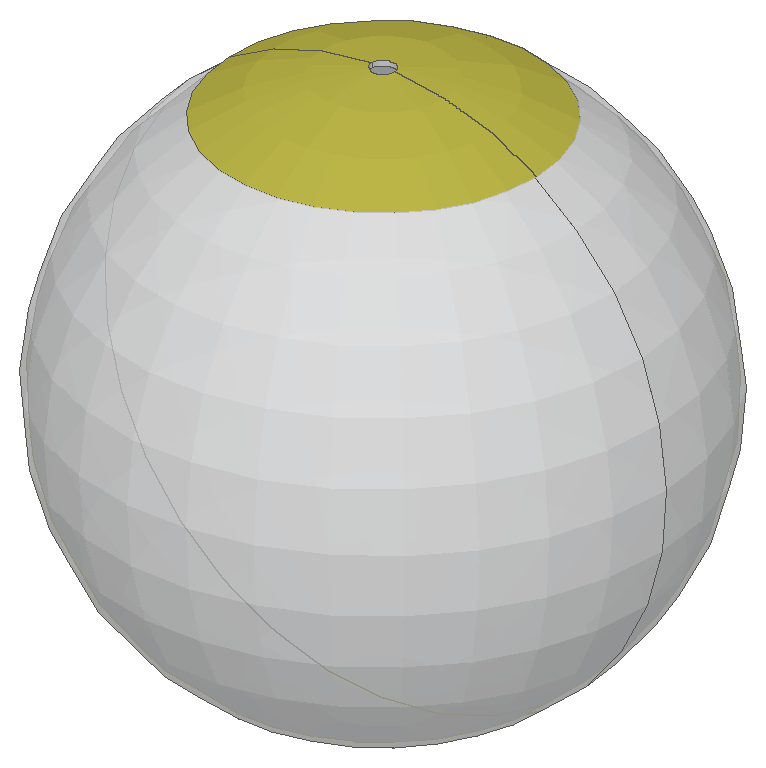
Revit family "OB12 SHADE", category Lighting Fixtures, Revit 2024
Family settings
  Round Connector Dimension = Use Diameter
  Part Type = Normal
  OmniClass Number = 23.80.70.00
  OmniClass Title = Lighting
  Work Plane-Based = No
  Always vertical = Yes
  Cut with Voids When Loaded = No
  Light Source = No
  Maintain Annotation Orientation = No
  Shared = No
  Room Calculation Point = No
Parameters
  Default Elevation = 0' - 0"
Reference planes (in)
  plane 1 "Light Source Axis (F/B)": y = 0
  plane 2: z = 0
  plane 3 "Light Source Axis (L/R)": x = 0
  plane 4 "Light Source Elevation": z = 54
Forms (in)
  Revolve 1, solid
    sketch origin (0, 0, 0) x (1, 0, 0) y (0, 0, 1)
      loop
        arc (-0.24436, 66.03501) -> (-1.8078, 65.76702) -> (-3.25, 65.10653) r 6.125
        line (-3.25, 65.10653) -> (-3.15014, 65.10653)
        arc (-3.15014, 65.10653) -> (-5.77231, 58.3628) -> (0, 54) r 6
        line (0, 54) -> (0, 54.09375)
        arc (0, 54.09375) -> (-5.72704, 58.55611) -> (-2.80016, 65.20028) r 5.90625
        line (-2.80016, 65.20028) -> (-2.90528, 65.20028)
        arc (-2.90528, 65.20028) -> (-1.6178, 65.72511) -> (-0.24436, 65.94118) r 6.03125
        line (-0.24436, 65.94118) -> (-0.24436, 66.03501)
      axis (0, 66.03501) -> (0, 54)
    angle from 0 to 360
Dimensions and locks (in)
  aligned and locked: level to plane 2
